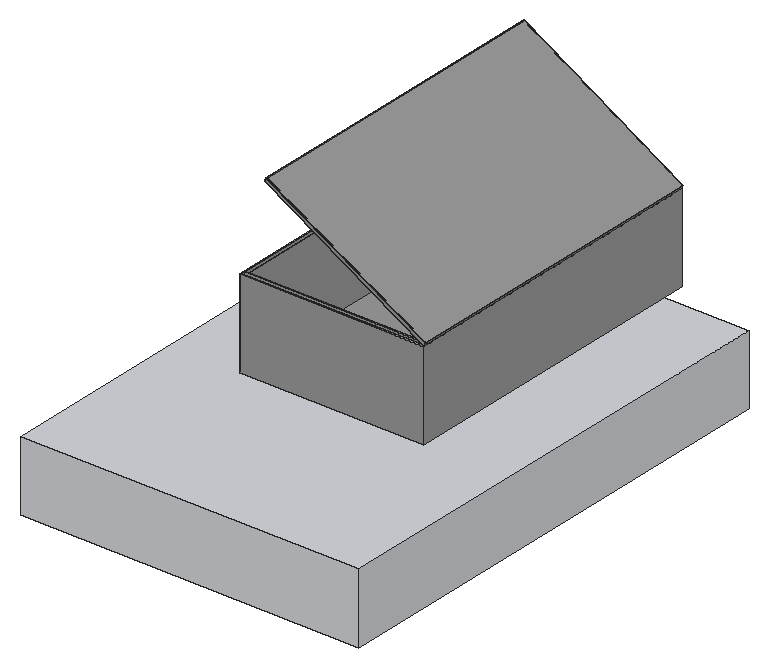
Revit family "Hager-Univers-IP55-D400-H1400-Cl.I-Steel_encl-SE-en", category Equipement électrique, Revit 2020
Family settings
  Hôte = Face
  Configuration du panneau = Deux colonnes, circuits au sein
  Cote de connecteur circulaire = Utiliser le diamètre
  Type d'élément = Tableau de raccordement
  Couper avec des vides une fois chargée = Non
  Partagée = Non
  Point de calcul de pièce = Non
Parameters (values of type "Surface mounted (plaster) IP55 W800 H1400 D400  - FR93G")
  Width Control [instance] = if([EF000008 - Width] > Min Width, [EF000008 - Width], Min Width)  # 800 mm
  Commentaires du type = [HG000003 - Range]  # "Univers"
  Thickness Door [instance] = if([EF009171 - Material plate thickness door/cover] > 3 mm, 3 mm, [EF009171 - Material plate thickness door/cover])  # 1.5 mm
  Seal Frame Offset [instance] = 17 mm  # constant formula
  Plinth Visibility [instance] = [HG000027 - Plinth height] > 0 mm  # no
  Model = ""
  Min Width [instance] = 100 mm  # constant formula
  Min Height [instance] = 100 mm  # constant formula
  Min Depth [instance] = (2 * [EF009170 - Material plate thickness cabinet]) + 1 mm  # 4 mm
  Internal Frame Depth [instance] = (Door System Depth * 0.5)  # 9 mm
  Height Control [instance] = if([EF000040 - Height] > Min Height, [EF000040 - Height], Min Height)  # 1400 mm
  HG000027 - Plinth height = 0 mm
  HG000026 - Floor standing = no
  HG000024 - Bottom section height = 800 mm
  HG000023 - Double section enclosure = no
  HG000016 - Door 3d visibility [instance] = yes
  HG000015 - Clearance visibility [instance] = no
  HG000014 - Door on the right [instance] = yes
  HG000013 - Door on the left [instance] = not([HG000014 - Door on the right])  # no
  HG000012 - Door swing angle [instance] = 30.00°
  HG000010 - Asymmetric doors = no
  HG000009 - Double swing door = no
  HG000006 - Flush mounted = no
  HG000004 - Manufacturer reference = "FR93G"
  HG000003 - Range = "Univers"
  HG000002 - With door or cover = yes
  Frame Offset Bottom [instance] = 10 mm  # constant formula
  Frame Offset [instance] = 15 mm  # constant formula
  EF015940 - Cover with overpressure release = no
  EF011959 - Degree of protection (NEMA) = ""
  EF009554 - Number of openings for flange plates = 6
  EF009212 - Cover model = "EV000116 - Closed"
  EF009171 - Material plate thickness door/cover = 1.5 mm
  EF009170 - Material plate thickness cabinet = 1.5 mm
  Fabricant = "Hager"  # constant formula
  EF008873 - Nominal current (In) = 800 A
  EF007800 - Suitable for lightning protection = no
  EF006306 - With lock = no
  EF006244 - Transparent cover/door = no
  EF005474 - Degree of protection (IP) = "EV006420 - IP55"
  EF004464 - Type of door = "EV002646 - Single"
  EF004427 - Number of modules = 324
  EF004293 - Impact strength = "EV008784 - IK10"
  EF003532 - Suitable for outdoor use = no
  EF002950 - Width in number of modular spacings = 24
  EF001613 - Circuit integrity = "EV000494 - None"
  EF001596 - Material housing = "EV000179 - Steel"
  EF001131 - Internal depth = 400 mm
  EF001088 - Extension possible = yes
  EF000437 - Number of conduit inlets = 6
  EF000339 - Type of cover = "EV004216 - Door"
  EF000266 - Number of rows = 9
  EF000218 - Built-in depth = 0 mm
  EF000118 - With mounting plate = no
  EF000116 - RAL-number = "7035"
  EF000049 - Depth = 400 mm
  EF000040 - Height = 1400 mm
  EF000008 - Width = 800 mm
  EF000007 - Colour = "EV000270 - Grey"
  EF000003 - Mounting method = "EV000384 - Surface mounted (plaster)"
  Door System Leaf Tolerance [instance] = 1.5 mm  # constant formula
  Door System Depth [instance] = 18 mm  # constant formula
  Door Height [instance] = Height Control - [HG000027 - Plinth height]  # 1400 mm
  Depth Control [instance] = if([EF000049 - Depth] > Min Depth, [EF000049 - Depth], Min Depth)  # 400 mm
  Default Elevation = 0 mm
  Connector Offset [instance] = Height Control / 2  # 700 mm
  Bottom Top Plate Trim [instance] = 1.5 mm  # constant formula
  Plinth height Ctrl [instance] = if([HG000027 - Plinth height] > 0 mm, [HG000027 - Plinth height], 12 mm)  # 12 mm
Types (3, lengths in mm): name | Width Control | HG000009 - Double swing door | HG000004 - Manufacturer reference | EF009554 - Number of openings for flange plates | EF004464 - Type of door | EF004427 - Number of modules | EF000437 - Number of conduit inlets | EF000008 - Width
  Surface mounted (plaster) IP55 W1050 H1400 D400  - FR94G | 1050 | yes | "FR94G" | 8 | "EV003602 - Double" | 432 | 8 | 1050
  Surface mounted (plaster) IP55 W550 H1400 D400  - FR92G | 550 | no | "FR92G" | 4 | "EV002646 - Single" | 216 | 4 | 550
  Surface mounted (plaster) IP55 W800 H1400 D400  - FR93G | 800 | no | "FR93G" | 6 | "EV002646 - Single" | 324 | 6 | 800
Reference planes
  plane 1 "Center (Front/Back)": y = 0
  plane 2: z = 0
  plane 3 "Center (Left/Right)": x = 0
  plane 4: z = 400
  plane 5: y = 1.5
  plane 6: y = 700
  plane 7: y = 0
  plane 8: y = 1400
  plane 9: z = 0
  plane 10: x = -385
  plane 11: x = 385
  plane 12: x = 383.5
  plane 13: x = -383.5
  plane 14: y = 1398.5
  plane 15: x = -383
  plane 16: x = -400
  plane 17: x = 383
  plane 18: x = 400
  plane 19: x = 398.5
  plane 20: x = -398.5
  plane 21: y = 11.5
  plane 22: y = 1400
  plane 23: y = 1383.5
  plane 24: z = 382
  plane 25: z = 1.5
  plane 26: z = 380.5
  plane 27: z = 398.5
Forms (mm)
  Extrusion 1, solid
    sketch origin (0, 0, 0) x (1, 0, 0) y (0, 1, 0)
      loop
        line (-702.964, 1305) -> (-702.964, -811.445) -> (766.763, -811.445) -> (766.763, 1305) -> (-702.964, 1305)
    from 0 to -304.8
  Extrusion 2, solid, material "Hager_Steel_RAL7035_Light_Grey", visible <- "Plinth Visibility", detail levels medium+fine
    sketch origin (0, 0, 0) x (1, 0, 0) y (0, 1, 0)
      loop
        line (-400, 0) -> (400, 0) -> (400, 12) -> (-400, 12) -> (-400, 0)
    from 0 to 382
  Extrusion 3, solid, material "Hager_Steel_RAL7035_Light_Grey", detail levels medium+fine
    sketch origin (0, 0, 0) x (1, 0, 0) y (0, 1, 0)
      loop
        line (-400, 0) -> (400, 0) -> (400, 1400) -> (-400, 1400) -> (-400, 0)
    from 0 to 382
  Extrusion 4, void
    sketch origin (0, 0, 0) x (1, 0, 0) y (0, 1, 0)
      loop
        line (-398.5, 1.5) -> (398.5, 1.5) -> (398.5, 1398.5) -> (-398.5, 1398.5) -> (-398.5, 1.5)
    from 1.5 to 380.5
  Extrusion 5, void
    sketch origin (-381.607, -4572, 382) x (0, -1, 0) y (-1, 0, 0)
      loop
        line (-4583.5, 1.893) -> (-5955.5, 1.893) -> (-5955.5, -765.107) -> (-4583.5, -765.107) -> (-4583.5, 1.893)
    from 0 to 1.5 <- "EF009170 - Material plate thickness cabinet"
  Extrusion 6, solid, material "Hager_Steel_RAL7035_Light_Grey", detail levels fine
    sketch origin (0, 0, 382) x (1, 0, 0) y (0, 1, 0)
      loop
        line (-383.5, 1383.5) -> (-383.5, 11.5) -> (383.5, 11.5) -> (383.5, 1383.5) -> (-383.5, 1383.5)
      loop
        line (-385, 10) -> (385, 10) -> (385, 1385) -> (-385, 1385) -> (-385, 10)
    from 0 to 9 <- "Internal Frame Depth"
  Extrusion 7, solid, material "Hager_Steel_RAL7035_Light_Grey", detail levels coarse
    sketch origin (0, 0, 0) x (1, 0, 0) y (0, 1, 0)
      loop
        line (-400, 0) -> (400, 0) -> (400, 1400) -> (-400, 1400) -> (-400, 0)
    from 0 to 400
  Sweep 8, void
    path in 3D
      loop
        line (-400, 12, 0) -> (400, 12, 0) -> (400, 12, 382) -> (-400, 12, 382) -> (-400, 12, 0)
    profile origin (-400, 12, 191) x (-1, 0, 0) y (0, -1, 0)
      loop
        line (0, 0) -> (0, 1.5) -> (-1.5, 1.5)
        arc (-1.5, 1.5) -> (-1.061, 0.439) -> (0, 0) r 1.5
Cuts and joins
  Extrusion 4, Extrusion 5 cuts Extrusion 3
  Sweep 8 cuts Extrusion 2
Lines and regions (mm)
  Masking region 1
    outline origin (0, 0, 0) x (1, 0, 0) y (0, 0, 1)
      loop
        line (-400, 400) -> (-400, 0) -> (400, 0) -> (400, 400) -> (-400, 400)
  Masking region 2, detail levels medium+fine
    outline origin (0, 140, 0) x (0, 1, 0) y (0, 0, 1)
      loop
        line (-140, 0) -> (1260, 0) -> (1260, 382) -> (-140, 382) -> (-140, 0)
  Masking region 3, not visible, detail levels medium+fine
    outline origin (0, 297.922, 0) x (0, 1, 0) y (0, 0, 1)
      loop
        line (413.578, 0) -> (453.578, 0) -> (453.578, 388.5)
        arc (453.578, 388.5) -> (450.649, 395.571) -> (443.578, 398.5) r 10
        line (443.578, 398.5) -> (413.578, 398.5) -> (413.578, 0)
  Masking region 4, detail levels coarse
    outline origin (0, 0, 180) x (0, 1, 0) y (0, 0, 1)
      loop
        line (0, -180) -> (1400, -180) -> (1400, 220) -> (0, 220) -> (0, -180)
  Masking region 5, visible <- "Plinth Visibility", detail levels medium+fine
    outline origin (0, 52.24, 12.345) x (0, 0, -1) y (0, 1, 0)
      loop
        line (10.845, -40.24) -> (-368.155, -40.24)
        arc (-368.155, -40.24) -> (-368.594, -41.301) -> (-369.655, -41.74) r 1.5
        line (-369.655, -41.74) -> (-369.655, -52.24) -> (12.345, -52.24) -> (12.345, -41.74)
        arc (12.345, -41.74) -> (11.285, -41.301) -> (10.845, -40.24) r 1.5
  Masking region 6, detail levels medium+fine
    outline origin (-381.607, -4572, 382) x (-1, 0, 0) y (0, -1, 0)
      loop
        line (18.393, -5972) -> (18.393, -4572) -> (-781.607, -4572) -> (-781.607, -5972) -> (18.393, -5972)
  Masking region 7, visible <- "Plinth Visibility", detail levels medium+fine
    outline origin (-381.607, -4727, 382) x (-1, 0, 0) y (0, -1, 0)
      loop
        arc (16.893, -4739) -> (17.332, -4737.939) -> (18.393, -4737.5) r 1.5
        line (18.393, -4737.5) -> (18.393, -4727) -> (-781.607, -4727) -> (-781.607, -4737.5)
        arc (-781.607, -4737.5) -> (-780.546, -4737.939) -> (-780.107, -4739) r 1.5
        line (-780.107, -4739) -> (16.893, -4739)
  Masking region 8, detail levels coarse
    outline origin (-442.548, -4669.526, 382) x (-1, 0, 0) y (0, -1, 0)
      loop
        line (-42.548, -6069.526) -> (-42.548, -4669.526) -> (-842.548, -4669.526) -> (-842.548, -6069.526) -> (-42.548, -6069.526)
  sketch lines
    curve 1: line (-400, 12, 382) -> (-400, 12, 0)
    curve 2: line (400, 12, 382) -> (-400, 12, 382)
    curve 3: line (400, 12, 382) -> (400, 12, 0)
    curve 4: line (-400, 12, 0) -> (400, 12, 0)
Dimensions and locks
  "Depth Control": plane 4 to Extrusion 1
  "HG000027 - Plinth height": plane 1 "Center (Front/Back)" to plane 7
  "EF009170 - Material plate thickness cabinet": plane 5 to plane 7
  locked: connector elem to plane 3 "Center (Left/Right)"
  equal spacing: plane 8, plane 6, plane 7
  locked: connector elem to plane 6
  "EF009170 - Material plate thickness cabinet": plane 8 to plane 14
  "EF009170 - Material plate thickness cabinet": plane 10 to plane 13
  "EF009170 - Material plate thickness cabinet": plane 12 to plane 11
  "Frame Offset": plane 20 to plane 13
  "Frame Offset": plane 12 to plane 19
  "EF009170 - Material plate thickness cabinet": plane 16 to plane 20
  "EF009170 - Material plate thickness cabinet": plane 19 to plane 18
  "Seal Frame Offset": plane 16 to plane 15
  "Seal Frame Offset": plane 17 to plane 18
  "Frame Offset Bottom": plane 21 to plane 5
  "Frame Offset": plane 14 to plane 23
  equal spacing: plane 16, plane 3 "Center (Left/Right)", plane 18
  "Width Control": plane 16 to plane 18
  "EF009170 - Material plate thickness cabinet": plane 4 to plane 27
  "EF009170 - Material plate thickness cabinet": plane 24 to plane 26
  "EF009170 - Material plate thickness cabinet": plane 25 to level
  "Door System Depth": plane 4 to plane 24
  "Height Control": plane 1 "Center (Front/Back)" to Extrusion 7 sketch curve
  "Height Control": Masking region 4 sketch curve to plane 1 "Center (Front/Back)"
  "Height Control": plane 1 "Center (Front/Back)" to plane 22
  "Bottom Top Plate Trim": profile plane to Sweep 8 sketch curve
  "Bottom Top Plate Trim": Sweep 8 sketch curve to profile plane
  "Plinth height Ctrl": plane 1 "Center (Front/Back)" to Extrusion 2 sketch curve
  "Plinth height Ctrl": Masking region 5 sketch curve to plane 1 "Center (Front/Back)"
  "Plinth height Ctrl": plane 1 "Center (Front/Back)" to Masking region 7 sketch curve
  "Thickness Door": Extrusion 6 sketch curve to Extrusion 6 sketch curve  (x3)
  "Thickness Door": cut or joined group of Extrusion 3, Extrusion 4, Extrusion 5 to Extrusion 6 sketch curve
  radius of Masking region 3 sketch curve = 10 mm
  "Bottom Top Plate Trim": radius of Masking region 5 sketch curve  (x2)
  "Bottom Top Plate Trim": radius of Sweep 8 sketch curve
  "Bottom Top Plate Trim": radius of Masking region 7 sketch curve  (x2)
  aligned and locked: plane 2 to Extrusion 1
  aligned and locked: level to Extrusion 1
  aligned and locked: level to Masking region 1 sketch curve
  aligned and locked: Masking region 1 sketch curve to plane 18
  aligned and locked: Masking region 1 sketch curve to plane 16
  aligned and locked: plane 7 to Masking region 2 sketch curve
  aligned and locked: level to Masking region 3 sketch curve
  aligned and locked: Masking region 3 sketch curve to plane 27
  aligned and locked: level to Masking region 2 sketch curve
  aligned and locked: plane 1 "Center (Front/Back)" to Extrusion 2 sketch curve
  aligned and locked: Extrusion 3 sketch curve to plane 7
  aligned and locked: plane 16 to Extrusion 3 sketch curve
  aligned and locked: plane 18 to Extrusion 3 sketch curve
  aligned and locked: plane 20 to Extrusion 4 sketch curve
  aligned and locked: plane 19 to Extrusion 4 sketch curve
  aligned and locked: Extrusion 4 sketch curve to plane 5
  aligned and locked: Extrusion 4 to plane 25
  aligned and locked: plane 26 to Extrusion 4
  aligned and locked: plane 24 to Extrusion 3
  aligned and locked: Extrusion 5 sketch curve to plane 21
  aligned and locked: Extrusion 5 sketch curve to plane 13
  aligned and locked: Extrusion 5 sketch curve to plane 12
  aligned and locked: plane 18 to Extrusion 7 sketch curve
  aligned and locked: plane 1 "Center (Front/Back)" to Extrusion 7 sketch curve
  aligned and locked: plane 16 to Extrusion 7 sketch curve
  aligned and locked: plane 4 to Extrusion 7
  aligned and locked: Extrusion 7 to level
  aligned and locked: level to Masking region 4 sketch curve
  aligned and locked: Masking region 4 sketch curve to plane 1 "Center (Front/Back)"
  aligned and locked: Masking region 4 sketch curve to plane 4
  aligned and locked: nested 1 to level
  aligned and locked: nested 1 to plane 16
  aligned and locked: plane 8 to Extrusion 3 sketch curve
  aligned and locked: plane 23 to Extrusion 5 sketch curve
  aligned and locked: plane 14 to Extrusion 4 sketch curve
  aligned and locked: Masking region 2 sketch curve to plane 8
  aligned and locked: level to Masking region 5 sketch curve
  aligned and locked: plane 16 to Extrusion 2 sketch curve
  aligned and locked: plane 18 to Extrusion 2 sketch curve
  aligned and locked: Masking region 5 sketch curve to plane 24
  aligned and locked: Masking region 2 sketch curve to plane 24
  aligned and locked: plane 24 to Extrusion 2
  aligned and locked: profile plane to Sweep 8 sketch curve  (x2)
  aligned and locked: Masking region 6 sketch curve to plane 18
  aligned and locked: Masking region 6 sketch curve to plane 22
  aligned and locked: Masking region 6 sketch curve to plane 16
  aligned and locked: plane 8 to plane 22
  aligned and locked: Masking region 6 sketch curve to plane 7
  aligned and locked: Masking region 7 sketch curve to plane 16
  aligned and locked: Masking region 7 sketch curve to plane 1 "Center (Front/Back)"
  aligned and locked: Masking region 7 sketch curve to plane 18
  aligned and locked: Masking region 8 sketch curve to plane 1 "Center (Front/Back)"
  aligned and locked: Masking region 8 sketch curve to plane 18
  aligned and locked: Masking region 8 sketch curve to plane 22
  aligned and locked: Masking region 8 sketch curve to plane 16
  aligned and locked: nested 2 to plane 7
  aligned and locked: plane 3 "Center (Left/Right)" to nested 2
  aligned and locked: nested 2 to plane 24
  aligned and locked: Extrusion 6 sketch curve to cut or joined group of Extrusion 3, Extrusion 4, Extrusion 5  (x4)
Automatic sketch dimensions
  Extrusion 1 sketch curve to Extrusion 1 sketch curve = 1469.727 mm
  Extrusion 1 sketch curve to Extrusion 1 sketch curve = 2116.445 mm
  Masking region 1 sketch curve to plane 4 = 0 mm
  plane 6 to Masking region 3 sketch curve = 11.5 mm
  Masking region 3 sketch curve to Masking region 3 sketch curve = 30 mm
  Masking region 5 sketch curve to plane 1 "Center (Front/Back)" = 0 mm
Nested families
  nested 1: "Hager_Enclosure_Symbol" at (-400, 0, 0) x (1, 0, 0) z (0, -1, 0), Height <- "Depth Control", Width <- "Width Control", type "Hager_Enclosure_Symbol"
    with Width_Ctrl 800 mm, Width 800 mm, Height_Ctrl 400 mm, Height 400 mm, A_Width_Int 26.25 mm, A_Width 315 mm, A_Height_Ctrl 350 mm, A_Height 350 mm
  nested 2: "EC000058_Univers_Door" at (0, 0, 382) x (1, 0, 0) z (0, 1, 0), Leaf_Tolerance <- "Door System Leaf Tolerance", Angle <- "HG000012 - Door swing angle", Door_Depth <- "Door System Depth", Door_Left <- "HG000013 - Door on the left", Transparent <- "EF006244 - Transparent cover/door", Assymetrical <- "HG000010 - Asymmetric doors", Width <- "Width Control", Clearance <- "HG000015 - Clearance visibility", Double <- "HG000009 - Double swing door", 3d_Door <- "HG000016 - Door 3d visibility", Lock_Visibility <- "EF006306 - With lock", Width_Ctrl <- "Width Control", Door_Right <- "HG000014 - Door on the right", Door <- "HG000002 - With door or cover", Height <- "Door Height", Thickness <- "Thickness Door", type "EC000058_Univers_Door", detail levels medium+fine
    with min_wh 4 mm, Width_Ctrl 800 mm, Width 800 mm, Transparent no, Thickness 1.5 mm, Seal_Material Hager_Rubber, Lock_Visibility no, Lock_Material Hager_Plastic_RAL9005_Jet_Black, Leaf_Width 800 mm, Leaf_Tolerance_External_Sides 0 mm, Leaf_Tolerance 1.5 mm, Leaf_Offset 0 mm, Leaf_Height 1397 mm, Leaf_2_Width 800 mm, Leaf_2_Offset 400 mm, Leaf_1_Width 800 mm, Leaf_1_Offset 400 mm, Height_Ctrl 1400 mm, Height 1400 mm, Glass_Material Hager_Glass, Double_Clearance_Ctrl no, Double no, Door_Right_Ctrl yes, Door_Right yes, Door_Material Hager_Steel_RAL7035_Light_Grey, Door_Left_Ctrl no, Door_Left no, Door_Depth 18 mm, Door yes, Clearance_Material Hager_Clearance, Clearance_Depth 800 mm, Clearance_Ctrl no, Clearance no, Assymetrical no, Angle 30.00°, 3d_Door yes
Connectors
  electrical at (0, 700, 0)
    settings: on plane 9, index 1, voltage 0 V, apparent load 0 VA, apparent load phase1 0 VA, apparent load phase2 0 VA, apparent load phase3 0 VA, power factor 1, load classification "Other", number of poles 1, system type 30, power factor state 1, is connector primary yes, connector utility no, sub classification motor no, connector description ""
Definition of nested family "EC000058_Univers_Door"
  Parameters (values of type "EC000058_Univers_Door")
    min_wh [instance] = (2 * Thickness) + 1 mm  # 11 mm
    Width_Ctrl [instance] = 400 mm
    Width [instance] = 500 mm
    Transparent [instance] = yes
    Thickness [instance] = 5 mm
    Seal_Material [instance] = none
    Lock_Visibility [instance] = yes
    Lock_Material [instance] = none
    Leaf_Width [instance] = if((Width_Ctrl - 2 * Leaf_Tolerance_External_Sides) > 0 mm, (Width_Ctrl - 2 * Leaf_Tolerance_External_Sides), min_wh)  # 400 mm
    Leaf_Tolerance_External_Sides [instance] = 0 mm  # constant formula
    Leaf_Tolerance [instance] = 1.5 mm
    Leaf_Offset [instance] = 0 mm  # constant formula
    Leaf_Height [instance] = if((Height_Ctrl - 2 * Leaf_Tolerance) > 0 mm, (Height_Ctrl - 2 * Leaf_Tolerance), min_wh)  # 497 mm
    Leaf_2_Width [instance] = if(and(and(Double, Assymetrical), Door_Left), (Leaf_Width / 3) - (Leaf_Tolerance / 2), if(and(and(Double, Assymetrical), Door_Right), (Leaf_Width / 3) * 2 - (Leaf_Tolerance / 2), if(and(Double, not(Assymetrical)), (Leaf_Width / 2) - Leaf_Tolerance, Leaf_Width)))  # 400 mm
    Leaf_2_Offset [instance] = if(and(Double, Assymetrical), Leaf_2_Width / 2, if(and(Double, not(Assymetrical)), Leaf_Width / 4, Leaf_Width / 2))  # 200 mm
    Leaf_1_Width [instance] = if(and(and(Double, Assymetrical), Door_Right), (Leaf_Width / 3) - (Leaf_Tolerance / 2), if(and(and(Double, Assymetrical), Door_Left), (Width / 3) * 2 - (Leaf_Tolerance / 2), if(and(Double, not(Assymetrical)), (Leaf_Width / 2) - Leaf_Tolerance, Leaf_Width)))  # 400 mm
    Leaf_1_Offset [instance] = if(and(Double, Assymetrical), Leaf_1_Width / 2, if(and(Double, not(Assymetrical)), Leaf_Width / 4, Leaf_Width / 2))  # 200 mm
    Height_Ctrl [instance] = if(Height > min_wh, Height, min_wh)  # 500 mm
    Height [instance] = 500 mm
    Glass_Material [instance] = none
    Double_Clearance_Ctrl [instance] = and(Double, Clearance)  # no
    Double [instance] = no
    Door_Right_Ctrl [instance] = and(or(Door_Right, Double), Door)  # yes
    Door_Right [instance] = yes
    Door_Material [instance] = none
    Door_Left_Ctrl [instance] = and(or(Door_Left, Double), Door)  # no
    Door_Left [instance] = no
    Door_Depth [instance] = 30 mm
    Door [instance] = yes
    Default Elevation = 1219.2 mm
    Clearance_Material [instance] = none
    Clearance_Depth [instance] = if(Leaf_1_Width > Leaf_2_Width, Leaf_1_Width, Leaf_2_Width)  # 400 mm
    Clearance_Ctrl [instance] = and(not(Double), Clearance)  # yes
    Clearance [instance] = yes
    Assymetrical [instance] = yes
    Angle [instance] = 30.00°
    3d_Door [instance] = yes
  Reference planes
    plane 1 "Center (Front/Back)": y = 0
    plane 2 "Bottom": z = 0
    plane 3 "Center (Left/Right)": x = 0
    plane 4: z = 500
    plane 5: x = -200
    plane 6: x = 200
    plane 7: z = 500
    plane 8: x = -200
    plane 9: z = 0
    plane 10: x = 200
    plane 11: y = 0
    plane 12: z = 1.5
    plane 13: x = -600
    plane 14: y = -400
    plane 15: x = 600
    plane 16: x = 0
    plane 17: x = 0
    plane 18: x = -200
    plane 19: x = 200
    plane 20: z = 498.5
  Forms (mm)
    Extrusion 1, solid, material <- "Clearance_Material", visible <- "Double_Clearance_Ctrl"
      sketch origin (1200, 0, 0) x (1, 0, 0) y (0, 0, -1)
        loop
          line (-1800, -498.5) -> (-600, -498.5) -> (-600, 0) -> (-1800, 0) -> (-1800, -498.5)
      from 0 to -400
  Dimensions and locks
    equal spacing: plane 5, plane 3 "Center (Left/Right)", plane 6
    "Width_Ctrl": plane 5 to plane 6
    "Leaf_Offset": plane 5 to plane 8
    "Leaf_Offset": plane 6 to plane 10
    "Leaf_Offset": plane 9 to level
    "Leaf_Offset": plane 4 to plane 7
    "Height_Ctrl": plane 4 to level
    "Leaf_Tolerance": plane 12 to plane 9
    locked: plane 11 to plane 1 "Center (Front/Back)"
    "Leaf_1_Offset": plane 18 to plane 16
    "Leaf_2_Offset": plane 17 to plane 19
    "Leaf_1_Width": plane 13 to plane 8
    "Leaf_2_Width": plane 10 to plane 15
    "Clearance_Depth": plane 14 to plane 1 "Center (Front/Back)"
    "Leaf_Tolerance_External_Sides": plane 8 to plane 18
    "Leaf_Tolerance_External_Sides": plane 19 to plane 10
    "Leaf_Tolerance": plane 7 to plane 20
    aligned and locked: level to plane 2 "Bottom"
    aligned and locked: nested 1 to plane 16
    aligned and locked: nested 2 to plane 17
    aligned and locked: Extrusion 1 to plane 13
    aligned and locked: plane 15 to Extrusion 1
    aligned and locked: Extrusion 1 to plane 14
    aligned and locked: plane 12 to nested 1
    aligned and locked: nested 2 to plane 12
    aligned and locked: Extrusion 1 to plane 11
    aligned and locked: plane 20 to Extrusion 1
    aligned and locked: nested 2 to plane 11
    aligned and locked: nested 1 to plane 11
  Automatic sketch dimensions
    Extrusion 1 sketch curve to level = 0 mm
    plane 5 to Extrusion 1 sketch curve = 400 mm
    plane 6 to Extrusion 1 sketch curve = 400 mm
    Extrusion 1 sketch curve to plane 4 = 1.5 mm
  Nested families
    nested 1: "EC000058_Univers_Door_Leaf" at (0, 0, 1.5), Width <- "Leaf_1_Width", visible <- "Door_Left_Ctrl", Leaf_Height <- "Leaf_Height", Angle <- "Angle", 3d_Door <- "3d_Door", Transparent <- "Transparent", Clearance Material <- "Clearance_Material", Clearance <- "Clearance_Ctrl", Door_Material <- "Door_Material", Glass_Material <- "Glass_Material", Door_Depth <- "Door_Depth", Lock_Material <- "Lock_Material", Seal_Material <- "Seal_Material", Lock_Visibility <- "Lock_Visibility", Thickness <- "Thickness", type "EC000058_Univers_Door_Leaf"
      with Width 400 mm, Transparent_Glass_Offset 30 mm, Transparent_Ctrl yes, Transparent yes, Thickness 5 mm, Standard no, Seal_Material none, Seal_D2 8 mm, Seal_D1 1 mm, Offset_Internal_Frame 10 mm, Lock_Width 20 mm, Lock_Visibility_3d yes, Lock_Visibility yes, Lock_Thickness_3 3 mm, Lock_Thickness_2 1 mm, Lock_Thickness_1 3 mm, Lock_Radius_Offset_2 16 mm, Lock_Radius_Offset_1 15 mm, Lock_Radius_2 5 mm, Lock_Radius 6 mm, Lock_Offset 5 mm, Lock_Material none, Lock_Height 80 mm, Lock_Cover_Top_Offset_2d 17 mm, Lock_Cover_Height -65 mm, Leaf_Height 497 mm, Internal_Seal_Thickness 8 mm, Internal_Seal_Depth_2 4.5 mm, Internal_Frame_Depth 25 mm, Glass_Thickness -1 mm, Glass_Offset -2 mm, Glass_Material none, Door_Material none, Door_Depth 30 mm, Clearance Material none, Clearance yes, Angle_Ctrl 30.00°, Angle 30.00°, 3d_Door yes
    nested 2: "EC000058_Univers_Door_Leaf" at (0, 0, 1.5) x (-1, 0, 0) z (0, 0, 1), Width <- "Leaf_2_Width", visible <- "Door_Right_Ctrl", Leaf_Height <- "Leaf_Height", Angle <- "Angle", 3d_Door <- "3d_Door", Transparent <- "Transparent", Clearance Material <- "Clearance_Material", Clearance <- "Clearance_Ctrl", Door_Material <- "Door_Material", Glass_Material <- "Glass_Material", Door_Depth <- "Door_Depth", Lock_Material <- "Lock_Material", Seal_Material <- "Seal_Material", Lock_Visibility <- "Lock_Visibility", Thickness <- "Thickness", type "EC000058_Univers_Door_Leaf"
      with Width 400 mm, Transparent_Glass_Offset 30 mm, Transparent_Ctrl yes, Transparent yes, Thickness 5 mm, Standard no, Seal_Material none, Seal_D2 8 mm, Seal_D1 1 mm, Offset_Internal_Frame 10 mm, Lock_Width 20 mm, Lock_Visibility_3d yes, Lock_Visibility yes, Lock_Thickness_3 3 mm, Lock_Thickness_2 1 mm, Lock_Thickness_1 3 mm, Lock_Radius_Offset_2 16 mm, Lock_Radius_Offset_1 15 mm, Lock_Radius_2 5 mm, Lock_Radius 6 mm, Lock_Offset 5 mm, Lock_Material none, Lock_Height 80 mm, Lock_Cover_Top_Offset_2d 17 mm, Lock_Cover_Height -65 mm, Leaf_Height 497 mm, Internal_Seal_Thickness 8 mm, Internal_Seal_Depth_2 4.5 mm, Internal_Frame_Depth 25 mm, Glass_Thickness -1 mm, Glass_Offset -2 mm, Glass_Material none, Door_Material none, Door_Depth 30 mm, Clearance Material none, Clearance yes, Angle_Ctrl 30.00°, Angle 30.00°, 3d_Door yes
  Definition of nested family "EC000058_Univers_Door_Leaf"
    Parameters (values of type "EC000058_Univers_Door_Leaf")
      Width [instance] = 2000 mm
      Transparent_Glass_Offset [instance] = 30 mm
      Transparent_Ctrl [instance] = and(Transparent, [3d_Door])  # yes
      Transparent [instance] = yes
      Thickness [instance] = 5 mm
      Standard [instance] = and(not(Transparent), [3d_Door])  # no
      Seal_Material [instance] = none
      Seal_D2 [instance] = 8 mm  # constant formula
      Seal_D1 [instance] = 1 mm  # constant formula
      Offset_Internal_Frame [instance] = 10 mm  # constant formula
      Lock_Width [instance] = 20 mm  # constant formula
      Lock_Visibility_3d [instance] = and(Lock_Visibility, [3d_Door])  # yes
      Lock_Visibility [instance] = yes
      Lock_Thickness_3 [instance] = 3 mm  # constant formula
      Lock_Thickness_2 [instance] = 1 mm  # constant formula
      Lock_Thickness_1 [instance] = 3 mm  # constant formula
      Lock_Radius_Offset_2 [instance] = Lock_Radius_Offset_1 + 1 mm  # 16 mm
      Lock_Radius_Offset_1 [instance] = 15 mm  # constant formula
      Lock_Radius_2 [instance] = Lock_Radius - 1 mm  # 5 mm
      Lock_Radius [instance] = 6 mm  # constant formula
      Lock_Offset [instance] = 5 mm  # constant formula
      Lock_Material [instance] = none
      Lock_Height [instance] = 80 mm  # constant formula
      Lock_Cover_Top_Offset_2d [instance] = Lock_Radius_Offset_2 + 1 mm  # 17 mm
      Lock_Cover_Height [instance] = -(Lock_Height - Lock_Radius_Offset_1)  # -65 mm
      Leaf_Height [instance] = 2720.336 mm
      Internal_Seal_Thickness [instance] = 8 mm  # constant formula
      Internal_Seal_Depth_2 [instance] = 4.5 mm  # constant formula
      Internal_Frame_Depth [instance] = if(Door_Depth - Thickness > 5 mm, Door_Depth - Thickness, 5 mm)  # 25 mm
      Glass_Thickness [instance] = if(Thickness > 15 mm, Glass_Offset + 10 mm, -1 mm)  # -1 mm
      Glass_Offset [instance] = if(Thickness > 15 mm, -(Thickness + 10 mm) / 2, -2 mm)  # -2 mm
      Glass_Material [instance] = none
      Door_Material [instance] = none
      Door_Depth [instance] = 30 mm
      Default Elevation = 0 mm
      Clearance Material [instance] = none
      Clearance [instance] = yes
      Angle_Ctrl [instance] = if(Angle > 180.00°, 180.00°, Angle)  # 90.00°
      Angle [instance] = 90.00°
      3d_Door [instance] = yes
    Reference planes
      plane 1 "Center (Front/Back)": y = 0
      plane 2: z = 0
      plane 3 "Center (Left/Right)": x = 0
      plane 4: y = 2000
      plane 5: x = -1000
      plane 6: x = 1000
      plane 7: x = -3000
      plane 8: z = 2720.336
      plane 9: z = 30
      plane 10: z = 2690.336
      plane 11: x = 970
      plane 12: x = -970
      plane 13: y = -3
      plane 14: z = 107.833
      plane 15: y = -5
      plane 16: y = -223.314
      plane 17: x = -1000
      plane 18: z = 1360.168
      plane 19: y = 30
    Forms (mm)
      Extrusion 1, solid, material <- "Clearance Material", visible <- "Clearance"
        sketch origin (0, 0, 0) x (1, 0, 0) y (0, 0, 1)
          loop
            line (-3000, 2720.336) -> (-3000, 0) -> (1000, 0) -> (1000, 2720.336) -> (-3000, 2720.336)
        from 0 to -2000
      Extrusion 2, solid, material <- "Door_Material", visible <- "Standard", detail levels medium+fine
        sketch origin (-1000, 0, 0) x (0, 1, 0) y (-1, 0, 0)
          loop
            line (0, 30) -> (0, 25) -> (2000, 25) -> (2000, 30) -> (0, 30)
        from 0 to 2720.336 <- "Leaf_Height"
      Extrusion 3, solid, material <- "Door_Material", visible <- "Transparent_Ctrl", detail levels medium+fine
        sketch origin (-1000, 0, 0) x (0, 1, 0) y (-1, 0, 0)
          loop
            line (0, 25) -> (2000, 25) -> (2000, 30) -> (0, 30) -> (0, 25)
        from 0 to 2720.336 <- "Leaf_Height"
      Extrusion 4, void
        sketch origin (-1025, 2000, 0) x (0, 1, 0) y (0, 0, -1)
          loop
            line (-30, -2690.336) -> (-30, -30) -> (-1970, -30) -> (-1970, -2690.336) -> (-30, -2690.336)
        from 0 to 5 <- "Thickness"
      Sweep 5, solid, material <- "Seal_Material", visible <- "Transparent_Ctrl", detail levels fine
        path in 3D
          loop
            line (-1025, 30, 30) -> (-1025, 30, 2690.336) -> (-1025, 1970, 2690.336) -> (-1025, 1970, 30) -> (-1025, 30, 30)
        profile origin (-1025, 1000, 30) x (1, 0, 0) y (0, 0, 1)
          loop
            line (0, 0) -> (0, -8) -> (1, -8) -> (1, 0) -> (0, 0)
      Extrusion 6, solid, material <- "Glass_Material", visible <- "Transparent_Ctrl", detail levels medium+fine
        sketch origin (-1030, 0, 0) x (0, 1, 0) y (0, 0, -1)
          loop
            line (1970, -2690.336) -> (1970, -30) -> (30, -30) -> (30, -2690.336) -> (1970, -2690.336)
        from -2 <- "Glass_Offset" to -1 <- "Glass_Thickness"
      Extrusion 7, solid, material <- "Door_Material", visible <- "3d_Door", detail levels medium+fine
        sketch origin (-1025, 2000, 0) x (0, -1, 0) y (0, 0, -1)
          loop
            line (0, -2720.336) -> (2000, -2720.336) -> (2000, 0) -> (0, 0) -> (0, -2720.336)
          loop
            line (1995, -5) -> (5, -5) -> (5, -2715.336) -> (1995, -2715.336) -> (1995, -5)
        from 0 to 25 <- "Internal_Frame_Depth"
      Sweep 8, solid, material <- "Seal_Material", visible <- "Transparent_Ctrl", detail levels fine
        path in 3D
          loop
            line (-1025, 0, 0) -> (-1025, 2000, 0) -> (-1025, 2000, 2720.336) -> (-1025, 0, 2720.336) -> (-1025, 0, 0)
        profile origin (-1025, 0, 1360.168) x (1, 0, 0) y (0, 1, 0)
          loop
            line (0, 10) -> (2.975, 10)
            arc (2.975, 10) -> (4.053, 10.447) -> (4.5, 11.525) r 1.525
            line (4.5, 11.525) -> (4.5, 16.527)
            arc (4.5, 16.527) -> (4.069, 17.569) -> (3.027, 18) r 1.473
            line (3.027, 18) -> (0, 18) -> (0, 10)
      Extrusion 9, solid, material <- "Lock_Material", visible <- "Lock_Visibility_3d", detail levels fine
        sketch origin (-1030, 0, 0) x (0, 1, 0) y (0, 0, -1)
          loop
            arc (1993.5, -1400.168) -> (1994.561, -1399.729) -> (1995, -1398.668) r 1.5
            line (1995, -1398.668) -> (1995, -1320.168) -> (1975, -1320.168) -> (1975, -1398.668)
            arc (1975, -1398.668) -> (1975.439, -1399.729) -> (1976.5, -1400.168) r 1.5
            line (1976.5, -1400.168) -> (1993.5, -1400.168)
        from 3 <- "Lock_Thickness_1" to 0
      Blend 10, solid, material <- "Lock_Material", visible <- "Lock_Visibility_3d", detail levels fine
        base sketch origin (-1033, 0, 0) x (0, 1, 0) y (0, 0, -1)
          loop
            line (1975, -1320.168) -> (1975, -1398.668)
            arc (1975, -1398.668) -> (1975.439, -1399.729) -> (1976.5, -1400.168) r 1.5
            line (1976.5, -1400.168) -> (1993.5, -1400.168)
            arc (1993.5, -1400.168) -> (1994.561, -1399.729) -> (1995, -1398.668) r 1.5
            line (1995, -1398.668) -> (1995, -1320.168) -> (1975, -1320.168)
        top sketch origin (-1033, 0, 0) x (0, 1, 0) y (0, 0, -1)
          loop
            line (1976, -1320.168) -> (1976, -1398.668)
            arc (1976, -1398.668) -> (1976.146, -1399.022) -> (1976.5, -1399.168) r 0.5
            line (1976.5, -1399.168) -> (1993.5, -1399.168)
            arc (1993.5, -1399.168) -> (1993.854, -1399.022) -> (1994, -1398.668) r 0.5
            line (1994, -1398.668) -> (1994, -1320.168) -> (1976, -1320.168)
        from 0 to 1 <- "Lock_Thickness_2"
      Blend 11, solid, material <- "Lock_Material", visible <- "Lock_Visibility_3d", detail levels fine
        base sketch origin (-1034, 0, 0) x (0, 1, 0) y (0, 0, -1)
          loop
            line (1978, -1320.168) -> (1978, -1384.168)
            arc (1978, -1384.168) -> (1985, -1391.168) -> (1992, -1384.168) r 7
            line (1992, -1384.168) -> (1992, -1320.168) -> (1978, -1320.168)
        top sketch origin (-1034, 0, 0) x (0, 1, 0) y (0, 0, -1)
          loop
            line (1991, -1320.168) -> (1979, -1320.168) -> (1979, -1383.168)
            arc (1979, -1383.168) -> (1985, -1389.168) -> (1991, -1383.168) r 6
            line (1991, -1383.168) -> (1991, -1320.168)
        from 0 to 3 <- "Lock_Thickness_3"
      Extrusion 12, solid, material <- "Lock_Material", visible <- "Lock_Visibility_3d", detail levels fine
        sketch origin (-1030, 1975, 1320.168) x (1, 0, 0) y (0, -1, 0)
          loop
            line (-7, -19) -> (-7, -1) -> (0, -1) -> (0, 0) -> (-8, 0) -> (-8, -20) -> (0, -20) -> (0, -19) -> (-7, -19)
        from 0 to -65 <- "Lock_Cover_Height"
      Extrusion 13, void
        sketch origin (-1038, 1995, 1320.168) x (-1, 0, 0) y (0, 0, -1)
          loop
            line (-5, -65) -> (0, -65) -> (-5, -60) -> (-5, -65)
        from 0 to 20 <- "Lock_Width"
      Extrusion 14, void
        sketch origin (-1038, 1975, 1320.168) x (0, -1, 0) y (0, 0, -1)
          loop
            circle (-10, -15.995) r 6
          loop
            circle (-10, -15.995) r 5
        from 0 to 2
      Extrusion 15, solid, material <- "Lock_Material", visible <- "Lock_Visibility_3d", detail levels medium
        sketch origin (-1030, 0, 0) x (0, 1, 0) y (0, 0, -1)
          loop
            arc (1993.5, -1400.168) -> (1994.561, -1399.729) -> (1995, -1398.668) r 1.5
            line (1995, -1398.668) -> (1995, -1320.168) -> (1975, -1320.168) -> (1975, -1398.668)
            arc (1975, -1398.668) -> (1975.439, -1399.729) -> (1976.5, -1400.168) r 1.5
            line (1976.5, -1400.168) -> (1993.5, -1400.168)
        from 8 to 0
    Cuts and joins
      Extrusion 4 cuts Extrusion 3
      Extrusion 13, Extrusion 14 cuts Extrusion 9
      Extrusion 14 cuts Blend 11
      Extrusion 13, Extrusion 14 cuts Extrusion 12
      joined: Extrusion 9, Blend 10, Blend 11, Extrusion 12
      Extrusion 14 cuts Extrusion 15
    Lines and regions (mm)
      Masking region 1, visible <- "Lock_Visibility", detail levels fine
        outline origin (0, 0, 0) x (0, 1, 0) y (0, 0, 1)
          loop
            line (30, 1320.168) -> (33, 1320.168) -> (33, 1400.168) -> (30, 1400.168) -> (30, 1320.168)
      Masking region 2, visible <- "Lock_Visibility", detail levels fine
        outline origin (0, 3.143, 0) x (0, 1, 0) y (0, 0, 1)
          loop
            line (29.857, 1354.168) -> (30.857, 1354.168) -> (30.857, 1366.168) -> (29.857, 1366.168) -> (29.857, 1354.168)
      Masking region 3, detail levels medium+fine
        outline origin (0, 0, 0) x (0, 1, 0) y (0, 0, 1)
          loop
            line (0, 0) -> (30, 0) -> (30, 2720.336) -> (0, 2720.336) -> (0, 0)
      Masking region 4, detail levels medium+fine
        outline origin (0, 0, 0) x (1, 0, 0) y (0, 0, 1)
          loop
            line (-1000, 2720.336) -> (-1000, 0) -> (1000, 0) -> (1000, 2720.336) -> (-1000, 2720.336)
      Masking region 5, visible <- "Lock_Visibility", detail levels fine
        outline origin (-47.116, 0, 0) x (1, 0, 0) y (0, 0, 1)
          loop
            arc (1024.616, 1399.168) -> (1023.556, 1398.729) -> (1023.116, 1397.668) r 1.5
            line (1023.116, 1397.668) -> (1023.116, 1320.168) -> (1041.116, 1320.168) -> (1041.116, 1397.668)
            arc (1041.116, 1397.668) -> (1040.677, 1398.729) -> (1039.616, 1399.168) r 1.5
            line (1039.616, 1399.168) -> (1024.616, 1399.168)
      Masking region 6, visible <- "Lock_Visibility", detail levels medium+fine
        outline origin (-25, 0, 0) x (1, 0, 0) y (0, 0, 1)
          loop
            arc (1001.5, 1400.168) -> (1000.439, 1399.729) -> (1000, 1398.668) r 1.5
            line (1000, 1398.668) -> (1000, 1320.168) -> (1020, 1320.168) -> (1020, 1398.668)
            arc (1020, 1398.668) -> (1019.561, 1399.729) -> (1018.5, 1400.168) r 1.5
            line (1018.5, 1400.168) -> (1001.5, 1400.168)
      Masking region 7, visible <- "Lock_Visibility", detail levels fine
        outline origin (-73.735, 0, 0) x (1, 0, 0) y (0, 0, 1)
          loop
            line (1051.735, 1382.168) -> (1065.735, 1382.168) -> (1065.735, 1384.168)
            arc (1065.735, 1384.168) -> (1058.735, 1391.168) -> (1051.735, 1384.168) r 7
            line (1051.735, 1384.168) -> (1051.735, 1382.168)
      Masking region 8, visible <- "Lock_Visibility", detail levels fine
        outline origin (-73.735, 0, 0) x (1, 0, 0) y (0, 0, 1)
          loop
            line (1052.735, 1382.168) -> (1064.735, 1382.168) -> (1064.735, 1383.168)
            arc (1064.735, 1383.168) -> (1058.735, 1389.168) -> (1052.735, 1383.168) r 6
            line (1052.735, 1383.168) -> (1052.735, 1382.168)
      Masking region 9, visible <- "Lock_Visibility", detail levels fine
        outline origin (-25, 0, 0) x (1, 0, 0) y (0, 0, 1)
          loop
            line (1020, 1320.168) -> (1020, 1382.168) -> (1000, 1382.168) -> (1000, 1320.168) -> (1020, 1320.168)
      Masking region 10, detail levels medium+fine
        outline origin (0, 0, 0) x (1, 0, 0) y (0, 0, 1)
          loop
            circle (985, 1335.144) r 6
      Masking region 11, detail levels fine
        outline origin (0, 0, 0) x (1, 0, 0) y (0, 0, 1)
          loop
            circle (985, 1335.144) r 5
      Masking region 12, visible <- "Lock_Visibility", detail levels fine
        outline origin (0, 12.767, 0) x (0, 1, 0) y (0, 0, 1)
          loop
            line (20.233, 1320.168) -> (21.233, 1320.168) -> (21.233, 1399.168) -> (20.233, 1400.168) -> (20.233, 1320.168)
      Masking region 13, visible <- "Lock_Visibility", detail levels fine
        outline origin (0, 13.767, -10) x (0, 1, 0) y (0, 0, 1)
          loop
            line (20.233, 1330.168) -> (23.233, 1330.168) -> (23.233, 1399.168) -> (20.233, 1402.168) -> (20.233, 1330.168)
      Masking region 14, visible <- "Lock_Visibility", detail levels fine
        outline origin (0, 12.767, -10) x (0, 1, 0) y (0, 0, 1)
          loop
            line (20.233, 1330.168) -> (25.233, 1330.168) -> (25.233, 1399.305) -> (20.233, 1394.305) -> (20.233, 1330.168)
      Masking region 15, visible <- "Lock_Visibility", detail levels medium
        outline origin (0, 0, 0) x (0, 1, 0) y (0, 0, 1)
          loop
            line (30, 1320.168) -> (38, 1320.168) -> (38, 1400.168) -> (30, 1400.168) -> (30, 1320.168)
      Masking region 16, visible <- "Lock_Visibility", detail levels fine
        outline origin (-1000, 0, 0) x (0, 1, 0) y (-1, 0, 0)
          loop
            line (1975, 30) -> (1995, 30) -> (1995, 38) -> (1975, 38) -> (1975, 30)
          loop
            line (1979, 37) -> (1976, 37) -> (1976, 34) -> (1978, 34) -> (1979, 37)
          loop
            line (1994, 37) -> (1991, 37) -> (1992, 34) -> (1994, 34) -> (1994, 37)
      Masking region 17, visible <- "Lock_Visibility", detail levels medium
        outline origin (-1000, 0, 0) x (0, 1, 0) y (-1, 0, 0)
          loop
            line (1975, 30) -> (1995, 30) -> (1995, 38) -> (1975, 38) -> (1975, 30)
      symbolic lines
        curve 1: line (1000, 0, 0) -> (-3000, 0, 0)
        curve 2: arc (1000, 0, 0) -> (-1000, 2000, 0) -> (-3000, 0, 0) r 2000
        curve 4: line (-1030, 0, 0) -> (-1030, 2000, 0)
      reference lines
        curve 3: line (-1000, 0, 0) -> (-1000, 2000, 0)
      symbolic lines, detail levels medium+fine
        curve 5: line (-1030, 2000, 0) -> (-1025, 2000, 0)
        curve 7: line (-1025, 0, 0) -> (-1030, 0, 0)
        curve 8: line (-1025, 0, 0) -> (-1000, 0, 0)
        curve 9: line (-1000, 0, 0) -> (-1000, 2000, 0)
        curve 10: line (-1000, 2000, 0) -> (-1025, 2000, 0)
      symbolic lines, detail levels fine
        curve 6: line (-1025, 2000, 0) -> (-1025, 0, 0)
      sketch lines
        curve 11: line (-1025, 0, 2720.336) -> (-1025, 0, 0)
        curve 12: line (-1025, 2000, 0) -> (-1025, 0, 0)
        curve 13: line (-1025, 2000, 2720.336) -> (-1025, 2000, 0)
        curve 14: line (-1025, 0, 2720.336) -> (-1025, 2000, 2720.336)
        curve 15: line (-1025, 1970, 30) -> (-1025, 30, 30)
        curve 16: line (-1025, 30, 30) -> (-1025, 30, 2690.336)
        curve 17: line (-1025, 1970, 2690.336) -> (-1025, 1970, 30)
        curve 18: line (-1025, 30, 2690.336) -> (-1025, 1970, 2690.336)
      symbolic lines, visible <- "Transparent", detail levels medium+fine
        curve 19: line (-970, 0, 2690.336) -> (970, 0, 2690.336)
        curve 20: line (-970, 0, 30) -> (-970, 0, 2690.336)
        curve 21: line (970, 0, 30) -> (-970, 0, 30)
        curve 22: line (970, 0, 2690.336) -> (970, 0, 30)
    Dimensions and locks
      "Width": plane 1 "Center (Front/Back)" to plane 4
      equal spacing: plane 5, plane 3 "Center (Left/Right)", plane 6
      "Width": plane 5 to plane 6
      "Width": plane 7 to plane 5
      "Leaf_Height": plane 8 to level
      "Width": curve 5 to curve 3
      "Width": curve 3 to curve 3
      plane 8 to plane 10 = 30 mm
      plane 9 to level = 30 mm
      plane 12 to plane 5 = 30 mm
      plane 6 to plane 11 = 30 mm
      Extrusion 1 to Extrusion 4 sketch curve = 30 mm
      "Transparent_Glass_Offset": curve 3 to Extrusion 4 sketch curve
      "Transparent_Glass_Offset": Extrusion 4 sketch curve to cut or joined group of Extrusion 3, Extrusion 4  (x2)
      cut or joined group of Extrusion 3, Extrusion 4 to Extrusion 6 sketch curve = 30 mm
      "Transparent_Glass_Offset": cut or joined group of Extrusion 3, Extrusion 4 to Extrusion 4 sketch curve
      "Thickness": curve 6 to curve 4
      "Thickness": Extrusion 7 sketch curve to Extrusion 7 sketch curve  (x4)
      "Door_Depth": curve 4 to curve 3
      "Offset_Internal_Frame": profile plane to Sweep 8 sketch curve
      "Internal_Seal_Thickness": Sweep 8 sketch curve to Sweep 8 sketch curve
      "Internal_Seal_Depth_2": profile plane to Sweep 8 sketch curve
      "Seal_D1": profile plane to Sweep 5 sketch curve
      "Seal_D2": profile plane to Sweep 5 sketch curve
      "Thickness": Extrusion 2 sketch curve to Extrusion 2 sketch curve
      equal spacing: Extrusion 9 sketch curve, plane 18, Extrusion 9 sketch curve  (x2)
      equal spacing: Masking region 1 sketch curve, plane 18, Masking region 1 sketch curve
      "Lock_Height": Masking region 1 sketch curve to Masking region 1 sketch curve
      "Lock_Radius": Masking region 2 sketch curve to plane 18 to Masking region 2 sketch curve
      Masking region 2 sketch curve to Masking region 1 = 1 mm
      "Door_Depth": plane 19 to plane 1 "Center (Front/Back)"
      "Lock_Thickness_1": Masking region 1 sketch curve to plane 19
      "Lock_Width": Extrusion 9 sketch curve to Extrusion 9 sketch curve
      "Lock_Height": Extrusion 9 sketch curve to Extrusion 9 sketch curve
      "Lock_Offset": cut or joined group of Extrusion 3, Extrusion 4 to Extrusion 9 sketch curve
      equal spacing: plane 8, plane 18, level
      "Lock_Radius_Offset_1": Blend 11 sketch curve to Blend 10
      locked: Blend 10 to Blend 11 sketch curve at 2  (x2)
      locked: var sketch to Blend 11 sketch curve at 1  (x2)
      "Lock_Radius_Offset_2": Blend 11 sketch curve to Blend 10
      locked: Extrusion 12 sketch curve to Extrusion 12 sketch curve at 1  (x3)
      Masking region 6 sketch curve to Masking region 6 sketch curve = 80 mm
      "Lock_Height": Masking region 6 sketch curve to Masking region 6 sketch curve
      "Lock_Width": Masking region 6 sketch curve to Masking region 6 sketch curve
      locked: Masking region 6 to Masking region 5 sketch curve at 1  (x3)
      locked: Masking region 5 to Masking region 7 sketch curve at 2  (x2)
      "Lock_Radius_Offset_1": Masking region 5 to Masking region 7 sketch curve
      "Lock_Radius_Offset_2": Masking region 5 to Masking region 8 sketch curve
      locked: Masking region 7 to Masking region 8 sketch curve at 1  (x2)
      "Lock_Cover_Top_Offset_2d": Masking region 5 to Masking region 9 sketch curve
      equal spacing: Masking region 9, Masking region 10 sketch curve, Masking region 9
      equal spacing: Masking region 9, Masking region 11 sketch curve, Masking region 9
      Extrusion 15 sketch curve to Extrusion 15 sketch curve = 80 mm
      "Lock_Width": Extrusion 15 sketch curve to Extrusion 15 sketch curve
      "Lock_Height": Extrusion 15 sketch curve to Extrusion 15 sketch curve
      equal spacing: Extrusion 15 sketch curve, plane 18, Extrusion 15 sketch curve
      "Lock_Thickness_3": Masking region 13 sketch curve to Masking region 13 sketch curve
      "Lock_Height": Masking region 12 sketch curve to Masking region 12 sketch curve
      locked: Masking region 13 sketch curve to Masking region 1 at 8
      locked: Masking region 14 sketch curve to Masking region 13 at 1
      locked: Masking region 14 sketch curve to Masking region 1 at 10.863
      "Lock_Height": Masking region 15 sketch curve to Masking region 15 sketch curve
      "Lock_Offset": Extrusion 15 sketch curve to cut or joined group of Extrusion 3, Extrusion 4
      "Lock_Offset": plane 6 to Masking region 6 sketch curve
      radius of Sweep 8 sketch curve = 1.525 mm
      radius of Sweep 8 sketch curve = 1.473 mm
      radius of Extrusion 9 sketch curve = 1.5 mm  (x2)
      "Lock_Radius": radius of Extrusion 14 sketch curve
      "Lock_Radius_2": radius of Extrusion 14 sketch curve
      "Lock_Radius": radius of Masking region 10 sketch curve
      "Lock_Radius_2": radius of Masking region 11 sketch curve
      radius of Extrusion 15 sketch curve = 1.5 mm  (x2)
      "Angle_Ctrl": angle plane 1 "Center (Front/Back)" to curve 3
      locked: Masking region 12 sketch curve to Masking region 12 sketch curve (angle 45.00°)
      locked: Masking region 13 sketch curve to Masking region 13 sketch curve (angle 45.00°)
      locked: Masking region 14 sketch curve to Masking region 14 sketch curve (angle 45.00°)
      aligned and locked: level to plane 2
      aligned and locked: Extrusion 1 to curve 1
      aligned and locked: plane 6 to Extrusion 1
      aligned and locked: Extrusion 1 to plane 1 "Center (Front/Back)"
      aligned and locked: plane 4 to Extrusion 1
      aligned and locked: plane 8 to Extrusion 1
      aligned and locked: curve 7 to Extrusion 2 sketch curve
      aligned and locked: curve 5 to Extrusion 2 sketch curve
      aligned and locked: curve 7 to Extrusion 3 sketch curve
      aligned and locked: Extrusion 3 sketch curve to curve 4
      aligned and locked: Extrusion 3 sketch curve to curve 6
      aligned and locked: Extrusion 3 sketch curve to curve 5
      aligned and locked: curve 9 to curve 3
      aligned and locked: Extrusion 7 sketch curve to cut or joined group of Extrusion 3, Extrusion 4  (x4)
      aligned and locked: plane 17 to curve 3
      aligned and locked: plane 1 "Center (Front/Back)" to curve 3
      aligned and locked: plane 17 to plane 5
      aligned and locked: Sweep 8 sketch curve to profile plane
      aligned and locked: Sweep 5 sketch curve to profile plane  (x2)
      aligned and locked: Masking region 1 to Masking region 2 sketch curve
      aligned and locked: plane 19 to Masking region 1 sketch curve
      aligned and locked: plane 1 "Center (Front/Back)" to Masking region 3 sketch curve
      aligned and locked: plane 19 to Masking region 3 sketch curve
      aligned and locked: level to Masking region 3 sketch curve
      aligned and locked: Masking region 3 sketch curve to plane 8
      aligned and locked: plane 17 to Masking region 4 sketch curve
      aligned and locked: level to Masking region 4 sketch curve
      aligned and locked: Masking region 4 sketch curve to plane 8
      aligned and locked: plane 12 to curve 20
      aligned and locked: plane 10 to curve 19
      aligned and locked: plane 11 to curve 22
      aligned and locked: curve 21 to plane 9
      aligned and locked: Extrusion 2 sketch curve to cut or joined group of Extrusion 3, Extrusion 4
      aligned and locked: Blend 10 sketch curve to Extrusion 9  (x4)
      aligned and locked: Extrusion 9 to Blend 10 sketch curve
      aligned and locked: Blend 10 to Blend 11 sketch curve
      aligned and locked: Extrusion 12 sketch curve to Blend 11
      aligned and locked: Extrusion 12 sketch curve to Extrusion 9  (x4)
      aligned and locked: Masking region 5 sketch curve to Masking region 6
      aligned and locked: Masking region 9 sketch curve to Masking region 6  (x3)
      aligned and locked: Masking region 12 sketch curve to Masking region 1
      aligned and locked: Masking region 13 sketch curve to Masking region 1
      aligned and locked: Masking region 12 to Masking region 14
      aligned and locked: Masking region 14 sketch curve to Masking region 1
      aligned and locked: Masking region 15 sketch curve to Masking region 14
      aligned and locked: Masking region 13 sketch curve to Masking region 12
      aligned and locked: Masking region 16 sketch curve to cut or joined group of Extrusion 14, Extrusion 15  (x4)
      aligned and locked: Masking region 16 sketch curve to cut or joined group of Extrusion 9, Blend 10, Blend 11, Extrusion 12, Extrusion 13, Extrusion 14  (x6)
      aligned and locked: cut or joined group of Extrusion 9, Blend 10, Blend 11, Extrusion 12, Extrusion 13, Extrusion 14 to Masking region 16 sketch curve
      aligned and locked: Masking region 17 sketch curve to cut or joined group of Extrusion 14, Extrusion 15  (x3)
      aligned and locked: Masking region 17 sketch curve to cut or joined group of Extrusion 9, Blend 10, Blend 11, Extrusion 12, Extrusion 13, Extrusion 14
      aligned and locked: Masking region 9 to Masking region 8 sketch curve
      aligned and locked: Masking region 9 to Masking region 7 sketch curve
    Automatic sketch dimensions
      plane 1 "Center (Front/Back)" to curve 2 = 0 mm
      curve 2 to plane 5 = 0 mm
      Extrusion 1 sketch curve to level = 0 mm
      Extrusion 1 sketch curve to plane 7 = 0 mm
      Extrusion 1 sketch curve to plane 6 = 0 mm
      Extrusion 1 sketch curve to plane 8 = 0 mm
      Extrusion 3 to Extrusion 6 sketch curve = 30 mm  (x4)
      Masking region 4 sketch curve to plane 6 = 0 mm
      Blend 10 sketch curve to Extrusion 9 = 1.5 mm
      Blend 10 sketch curve to Extrusion 9 = 1 mm
      Extrusion 13 sketch curve to Extrusion 12 = 0 mm  (x2)
      Extrusion 12 to Extrusion 13 sketch curve = 3 mm
      Extrusion 13 sketch curve to Extrusion 12 = 5 mm
      Extrusion 14 sketch curve to Extrusion 14 sketch curve = 0 mm  (x2)
      Extrusion 14 sketch curve to Extrusion 12 = 10 mm
      Extrusion 14 sketch curve to Extrusion 12 = 15.995 mm
      Masking region 5 sketch curve to Masking region 5 sketch curve = 1.5 mm  (x2)
      Masking region 10 sketch curve to plane 18 = 25.024 mm
      Masking region 11 sketch curve to plane 18 = 25.024 mm
      plane 19 to Masking region 14 sketch curve = 3 mm
      Masking region 16 sketch curve to Masking region 16 sketch curve = 3 mm
      curve 4 to curve 3 = 0 mm
      Blend 10 to Blend 11 sketch curve = 0 mm
      Masking region 6 sketch curve to Masking region 6 sketch curve = 1.5 mm  (x2)
      Masking region 6 sketch curve to plane 18 = 40 mm
      plane 19 to Masking region 12 sketch curve = 3 mm
      Masking region 12 sketch curve to Masking region 12 sketch curve = 1 mm
      Masking region 15 sketch curve to plane 19 = 0 mm
      Masking region 15 sketch curve to plane 18 = 40 mm
      radius of Blend 10 sketch curve to Extrusion 9 = 1 mm
Definition of nested family "Hager_Enclosure_Symbol"
  Parameters (values of type "Hager_Enclosure_Symbol")
    Width_Ctrl [instance] = if(Width > 1 mm, Width, 1 mm)  # 102.27 mm
    Width [instance] = 102.27 mm
    Height_Ctrl [instance] = if(Height > 1 mm, Height, 1 mm)  # 66.5 mm
    A_Width_Int [instance] = if(A_Width / 12 > 2 mm, A_Width / 12, 2 mm)  # 4.364 mm
    A_Width [instance] = if(A_Height_Ctrl * 0.9 > 2 mm, A_Height_Ctrl * 0.9, 2 mm)  # 52.369 mm
    A_Height_Ctrl [instance] = if(A_Height > 2 mm, A_Height, 2 mm)  # 58.188 mm
    Height [instance] = 66.5 mm
    A_Height [instance] = Height - (Height / 8)  # 58.188 mm
  Reference planes
    plane 1 "Centre (avant/arrière)": y = 0
    plane 2: z = 0
    plane 3 "Centre (gauche/droite)": x = 0
    plane 4: x = 52.369
    plane 5: y = 33.042
    plane 6: y = 41.77
    plane 7: y = 66.5
    plane 8: x = 26.184
    plane 9: y = 37.406
    plane 10: x = 102.27
    plane 11: y = 66.5
    plane 12: y = 8.313
  Lines and regions (mm)
    Filled region 1, type "Solid_Black", in view "Niveau de réf."
      outline origin (0, 0, 0) x (1, 0, 0) y (0, 1, 0)
        loop
          line (52.369, 66.5) -> (33.188, 54.536) -> (45.365, 45.006) -> (52.369, 66.5)
    Filled region 2, type "Solid_Black", in view "Niveau de réf."
      outline origin (0, 0, 0) x (1, 0, 0) y (0, 1, 0)
        loop
          line (0, 0) -> (102.27, 0) -> (102.27, 66.5) -> (0, 0)
    detail lines, in view "Niveau de réf."
      curve 1: line (0, 8.313, 0) -> (26.184, 41.77, 0)
      curve 2: line (26.184, 41.77, 0) -> (26.184, 33.042, 0)
      curve 3: line (26.184, 33.042, 0) -> (52.369, 66.5, 0)
  Dimensions and locks
    "A_Width": plane 3 "Centre (gauche/droite)" to plane 4
    equal spacing: plane 3 "Centre (gauche/droite)", plane 8, plane 4
    equal spacing: plane 6, plane 9, plane 5
    equal spacing: curve 3, Filled region 1 sketch curve, Filled region 1 sketch curve
    "Height_Ctrl": plane 1 "Centre (avant/arrière)" to plane 11
    "A_Height_Ctrl": plane 11 to plane 12
    equal spacing: plane 11, plane 9, plane 12
    "A_Width_Int": plane 6 to plane 9
    "Width_Ctrl": plane 3 "Centre (gauche/droite)" to plane 10
    angle Filled region 1 sketch curve to curve 3 = 20.00°
    angle curve 3 to Filled region 1 sketch curve = 20.00°
    locked: curve 3 to Filled region 1 sketch curve (angle 90.00°)
    aligned and locked: plane 10 to Filled region 2
    aligned and locked: plane 11 to Filled region 2 sketch curve
    aligned and locked: plane 10 to Filled region 2 sketch curve
    aligned and locked: plane 3 "Centre (gauche/droite)" to curve 1
    aligned and locked: plane 12 to curve 1
    aligned and locked: plane 7 to plane 11
  Automatic sketch dimensions
    Filled region 1 sketch curve to plane 4 = 0 mm
    Filled region 1 sketch curve to plane 7 = 0 mm
    plane 1 "Centre (avant/arrière)" to Filled region 2 sketch curve = 0 mm
    Filled region 2 sketch curve to plane 3 "Centre (gauche/droite)" = 0 mm
    curve 2 to plane 6 = 0 mm
    curve 2 to plane 8 = 0 mm
    curve 3 to plane 4 = 0 mm
    curve 2 to plane 5 = 0 mm
    curve 3 to plane 7 = 0 mm
